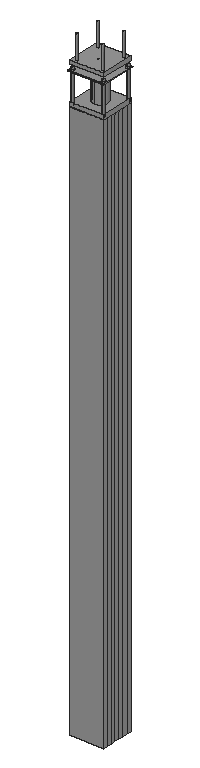
Revit family "CLT Colums Fam", category Columns, Revit 2024
Family settings
  OmniClass Number = 23.25.30.11.14.11
  OmniClass Title = Columns
  Cut with Voids When Loaded = No
  Automatically joins geometry to walls = Yes
  Shared = No
  Show family pre-cut in plan views = Yes
Parameters
  Width = 2' - 0"
  TBofP to ToL [instance] = 0' - 1 89/256"
  Plate gap [instance] = 0' - 10"
  Over all Hieght [instance] = 2' - 10"
  Offset Top = 0' - 0"
  Offset Bottom = 0' - 2 89/256"
  Depth = 2' - 0"
  CLT Wood [instance] = CLT Wood
  C - Hieght [instance] = 10' - 8.62488"
  Alum = Aluminom
Reference planes (in)
  plane 1 "Center (Front/Back)": y = 0
  plane 2: z = 0
  plane 3 "Center (Left/Right)": x = 0
  plane 4 "Left": x = -12
  plane 5 "Right": x = 12
  plane 6 "Back": y = 12
  plane 7 "Front": y = -12
Forms (in)
  Extrusion 1, solid, not visible
    sketch origin (31.78776, 32.17592, -10) x (0, -1, 0) y (0, 0, -1)
      loop
        line (8, 95.87488) -> (6.85714, 95.87488) -> (6.85714, -32.75) -> (8, -32.75) -> (8, 95.87488)
    from 0 to -8
  Extrusion 2, solid, not visible
    sketch origin (31.78776, 32.17592, -10) x (0, -1, 0) y (0, 0, -1)
      loop
        line (6.85714, 95.87488) -> (5.71429, 95.87488) -> (5.71429, -32.75) -> (6.85714, -32.75) -> (6.85714, 95.87488)
    from 0 to -8
  Extrusion 3, solid, not visible
    sketch origin (31.78776, 32.17592, -10) x (0, -1, 0) y (0, 0, -1)
      loop
        line (5.71429, 95.87488) -> (4.57143, 95.87488) -> (4.57143, -32.75) -> (5.71429, -32.75) -> (5.71429, 95.87488)
    from 0 to -8
  Extrusion 4, solid, not visible
    sketch origin (31.78776, 32.17592, -10) x (0, -1, 0) y (0, 0, -1)
      loop
        line (4.57143, 95.87488) -> (3.42857, 95.87488) -> (3.42857, -32.75) -> (4.57143, -32.75) -> (4.57143, 95.87488)
    from 0 to -8
  Extrusion 5, solid, not visible
    sketch origin (31.78776, 32.17592, -10) x (0, -1, 0) y (0, 0, -1)
      loop
        line (3.42857, 95.87488) -> (2.28571, 95.87488) -> (2.28571, -32.75) -> (3.42857, -32.75) -> (3.42857, 95.87488)
    from 0 to -8
  Extrusion 6, solid, not visible
    sketch origin (31.78776, 32.17592, -10) x (0, -1, 0) y (0, 0, -1)
      loop
        line (2.28571, 95.87488) -> (1.14286, 95.87488) -> (1.14286, -32.75) -> (2.28571, -32.75) -> (2.28571, 95.87488)
    from 0 to -8
  Extrusion 7, solid, not visible
    sketch origin (31.78776, 32.17592, -10) x (0, -1, 0) y (0, 0, -1)
      loop
        line (1.14286, 95.87488) -> (0, 95.87488) -> (0, -32.75) -> (1.14286, -32.75) -> (1.14286, 95.87488)
    from 0 to -8
  Extrusion 8, void, not visible
    sketch origin (31.78776, 29.89021, 22.75) x (-1, 0, 0) y (0, 1, 0)
      loop
        circle (7.10713, -4.82142) r 0.3125
      loop
        circle (7.10713, 1.39284) r 0.3125
      loop
        circle (0.89287, 1.39284) r 0.3125
      loop
        circle (0.89287, -4.82142) r 0.3125
    from 5.61328 to 0
  Extrusion 9, solid, not visible
    sketch origin (35.62956, 30.54791, 10) x (-1, 0, 0) y (0, -1, 0)
      loop
        circle (-0.89287, 0.89287) r 0.25
      loop
        circle (-0.89287, 7.10713) r 0.25
      loop
        circle (-7.10713, 7.10713) r 0.25
      loop
        circle (-7.10713, 0.89287) r 0.25
    from -0.625 to 5.37512
  Extrusion 10, solid, not visible
    sketch origin (35.62956, 30.54791, 0) x (-1, 0, 0) y (0, -1, 0)
      loop
        line (0, 0) -> (0, 8) -> (-8, 8) -> (-8, 0) -> (0, 0)
    from 10 to 9
  Extrusion 11, solid, not visible
    sketch origin (35.62956, 30.54791, 0.5) x (-1, 0, 0) y (0, -1, 0)
      loop
        circle (-4, 4) r 1.5
      loop
        circle (-4, 4) r 1.25
    from 1 to 8.5
  Extrusion 12, void, not visible
    sketch origin (39.62956, 34.89667, -120.5) x (0, -1, 0) y (0, 0, 1)
      loop
        circle (8.09876, 128.58145) r 0.25
    from -2.20492 to 3.10713
  Extrusion 13, void, not visible
    sketch origin (35.62956, 22.54791, 10) x (1, 0, 0) y (0, -1, 0)
      loop
        circle (4, -3.5) r 0.125
      loop
        circle (4, -4.5) r 0.125
    from -0.73368 to 1.5
  Extrusion 14, void, not visible
    sketch origin (35.62956, 30.54791, 10) x (-1, 0, 0) y (0, -1, 0)
      loop
        circle (-0.89287, 0.89287) r 0.25
      loop
        circle (-0.89287, 7.10713) r 0.25
      loop
        circle (-7.10713, 7.10713) r 0.25
      loop
        circle (-7.10713, 0.89287) r 0.25
    from -0.625 to 5.37512
  Extrusion 15, solid, not visible
    sketch origin (35.99761, 42.48659, 0) x (-1, 0, 0) y (0, -1, 0)
      loop
        line (0, 0) -> (0, 8) -> (-8, 8) -> (-8, 0) -> (0, 0)
    from 0 to 1
  Extrusion 16, solid, not visible
    sketch origin (35.99761, 42.48659, 1) x (-1, 0, 0) y (0, -1, 0)
      loop
        circle (-4, 4) r 1.5
      loop
        circle (-4, 4) r 1.75
    from 0 to 8.5
  Extrusion 17, void, not visible
    sketch origin (39.99761, 46.83536, -120) x (0, -1, 0) y (0, 0, 1)
      loop
        circle (8.34876, 128.08145) r 0.25
    from -2.20492 to 3.10713
  Extrusion 18, void, not visible
    sketch origin (35.99761, 42.48659, 1) x (-1, 0, 0) y (0, -1, 0)
      loop
        circle (-0.3125, 0.3125) r 0.25
      loop
        circle (-7.6875, 0.3125) r 0.25
      loop
        circle (-0.3125, 7.6875) r 0.25
      loop
        circle (-7.6875, 7.6875) r 0.25
    from -0.625 to 7.375
  Extrusion 19, solid, not visible
    sketch origin (35.99761, 42.48659, 0) x (0, 1, 0) y (1, 0, 0)
      loop
        circle (-0.89287, 0.89287) r 0.25
      loop
        circle (-7.10713, 0.89287) r 0.25
      loop
        circle (-7.10713, 7.10713) r 0.25
      loop
        circle (-0.89287, 7.10713) r 0.25
    from -0.625 to 5.37512
  Extrusion 20, solid, not visible
    sketch origin (38.24761, 38.48659, 7.65234) x (1, 0, 0) y (0, 1, 0)
      loop
        line (-2.5, 4.25) -> (-2.5, -4.25) -> (6, -4.25) -> (6, 4.25) -> (-2.5, 4.25)
    from 0 to 0.0625
  Extrusion 21, void, not visible
    sketch origin (35.99761, 42.48659, 1) x (-1, 0, 0) y (0, -1, 0)
      loop
        circle (-4, 4) r 1.75
    from 5.49799 to 7.68245
  Extrusion 22, void, not visible
    sketch origin (35.99761, 34.48659, 0) x (0, -1, 0) y (1, 0, 0)
      loop
        circle (-3.5, 4) r 0.125
      loop
        circle (-4.5, 4) r 0.125
    from -0.73368 to 1.5
  Extrusion 23, void, not visible
    sketch origin (35.99761, 42.48659, 1) x (-1, 0, 0) y (0, -1, 0)
      loop
        circle (-0.3125, 0.3125) r 0.25
      loop
        circle (-7.6875, 0.3125) r 0.25
      loop
        circle (-0.3125, 7.6875) r 0.25
      loop
        circle (-7.6875, 7.6875) r 0.25
    from -0.625 to 7.375
  Extrusion 24, void, not visible
    sketch origin (35.99761, 42.48659, 0) x (0, 1, 0) y (1, 0, 0)
      loop
        circle (-0.89287, 0.89287) r 0.25
      loop
        circle (-7.10713, 0.89287) r 0.25
      loop
        circle (-7.10713, 7.10713) r 0.25
      loop
        circle (-0.89287, 7.10713) r 0.25
    from -0.625 to 5.37512
  Extrusion 25, solid, not visible
    sketch origin (48.91093, 26.75813, 6.71484) x (1, 0, 0) y (0, 1, 0)
      loop
        circle (5.4375, 3.6875) r 0.25
      loop
        circle (5.4375, -3.6875) r 0.25
      loop
        circle (-1.9375, 3.6875) r 0.25
      loop
        circle (-1.9375, -3.6875) r 0.25
      loop
        line (-2.15401, 4.0625) -> (-2.37051, 3.6875) -> (-2.15401, 3.3125) -> (-1.72099, 3.3125) -> (-1.50449, 3.6875) -> (-1.72099, 4.0625) -> (-2.15401, 4.0625)
      loop
        line (5.22099, 4.0625) -> (5.00449, 3.6875) -> (5.22099, 3.3125) -> (5.65401, 3.3125) -> (5.87051, 3.6875) -> (5.65401, 4.0625) -> (5.22099, 4.0625)
      loop
        line (-2.15401, -4.0625) -> (-1.72099, -4.0625) -> (-1.50449, -3.6875) -> (-1.72099, -3.3125) -> (-2.15401, -3.3125) -> (-2.37051, -3.6875) -> (-2.15401, -4.0625)
      loop
        line (5.65401, -4.0625) -> (5.87051, -3.6875) -> (5.65401, -3.3125) -> (5.22099, -3.3125) -> (5.00449, -3.6875) -> (5.22099, -4.0625) -> (5.65401, -4.0625)
    from 0.25 to 0
  Extrusion 26, solid, not visible
    sketch origin (46.66093, 30.75813, 0) x (-1, 0, 0) y (0, -1, 0)
      loop
        circle (-0.3125, 0.3125) r 0.25
      loop
        circle (-7.6875, 0.3125) r 0.25
      loop
        circle (-0.3125, 7.6875) r 0.25
      loop
        circle (-7.6875, 7.6875) r 0.25
    from -0.625 to 7.375
  Extrusion 27, solid, not visible
    sketch origin (35.62956, 30.79791, 136.34766) x (0, -1, 0) y (-1, 0, 0)
      loop
        line (5.71429, -8) -> (6.85714, -8) -> (6.85714, 0) -> (5.71429, 0) -> (5.71429, -8)
    from 0 to 128.62488 <- "C - Hieght"
  Extrusion 28, solid, not visible
    sketch origin (35.62956, 29.65505, 136.34766) x (0, -1, 0) y (-1, 0, 0)
      loop
        line (5.71429, -8) -> (6.85714, -8) -> (6.85714, 0) -> (5.71429, 0) -> (5.71429, -8)
    from 0 to 128.62488 <- "C - Hieght"
  Extrusion 29, solid, not visible
    sketch origin (35.62956, 31.94077, 136.34766) x (0, -1, 0) y (-1, 0, 0)
      loop
        line (5.71429, -8) -> (6.85714, -8) -> (6.85714, 0) -> (5.71429, 0) -> (5.71429, -8)
    from 0 to 128.62488 <- "C - Hieght"
  Extrusion 30, solid, not visible
    sketch origin (35.62956, 33.08362, 136.34766) x (0, -1, 0) y (-1, 0, 0)
      loop
        line (5.71429, -8) -> (6.85714, -8) -> (6.85714, 0) -> (5.71429, 0) -> (5.71429, -8)
    from 0 to 128.62488 <- "C - Hieght"
  Extrusion 31, solid, not visible
    sketch origin (35.62956, 34.22648, 136.34766) x (0, -1, 0) y (-1, 0, 0)
      loop
        line (5.71429, -8) -> (6.85714, -8) -> (6.85714, 0) -> (5.71429, 0) -> (5.71429, -8)
    from 0 to 128.62488 <- "C - Hieght"
  Extrusion 32, solid, not visible
    sketch origin (35.62956, 35.36934, 136.34766) x (0, -1, 0) y (-1, 0, 0)
      loop
        line (5.71429, -8) -> (6.85714, -8) -> (6.85714, 0) -> (5.71429, 0) -> (5.71429, -8)
    from 0 to 128.62488 <- "C - Hieght"
  Extrusion 33, solid, not visible
    sketch origin (35.62956, 36.51219, 136.34766) x (0, -1, 0) y (-1, 0, 0)
      loop
        line (5.71429, -8) -> (6.85714, -8) -> (6.85714, 0) -> (5.71429, 0) -> (5.71429, -8)
    from 0 to 128.62488 <- "C - Hieght"
  Extrusion 34, void, not visible
    sketch origin (35.62956, 19.86934, 274.97254) x (0, -1, 0) y (-1, 0, 0)
      loop
        circle (-3.57144, -0.89287) r 0.3125
      loop
        circle (-9.7857, -0.89287) r 0.3125
      loop
        circle (-9.7857, -7.10713) r 0.3125
      loop
        circle (-3.57144, -7.10713) r 0.3125
    from 5.61328 to 0
  Extrusion 35, solid, not visible
    sketch origin (35.62956, 30.54791, 146.34766) x (-1, 0, 0) y (0, -1, 0)
      loop
        line (-8, 6.60714) -> (-8, 5.46429) -> (0, 5.46429) -> (0, 6.60714) -> (-8, 6.60714)
    from 0 to 128.62488 <- "C - Hieght"
  Extrusion 36, void, not visible
    sketch origin (35.62956, 30.54791, 146.34766) x (-1, 0, 0) y (0, -1, 0)
      loop
        circle (-0.89287, 0.64287) r 0.25
      loop
        circle (-0.89287, 7.10713) r 0.25
      loop
        circle (-7.10713, 7.10713) r 0.25
      loop
        circle (-7.10713, 0.64287) r 0.25
    from -0.625 to 5.37512
  Extrusion 37, solid, not visible
    sketch origin (35.62956, 29.15505, 146.34766) x (-1, 0, 0) y (0, -1, 0)
      loop
        line (-8, 6.60714) -> (-8, 5.21429) -> (0, 5.21429) -> (0, 6.60714) -> (-8, 6.60714)
    from 0 to 128.62488 <- "C - Hieght"
  Extrusion 38, solid, not visible
    sketch origin (35.62956, 19.86934, 146.34766) x (-1, 0, 0) y (0, -1, 0)
      loop
        line (-8, -6.35714) -> (0, -6.35714) -> (0, -5.21429) -> (-8, -5.21429) -> (-8, -6.35714)
    from 0 to 128.62488 <- "C - Hieght"
  Extrusion 39, solid, not visible
    sketch origin (35.62956, 20.76219, 146.34766) x (-1, 0, 0) y (0, -1, 0)
      loop
        line (-8, -6.60714) -> (0, -6.60714) -> (0, -5.46429) -> (-8, -5.46429) -> (-8, -6.60714)
    from 0 to 128.62488 <- "C - Hieght"
  Extrusion 40, solid, not visible
    sketch origin (35.62956, 21.90505, 146.34766) x (-1, 0, 0) y (0, -1, 0)
      loop
        line (-8, -6.60714) -> (0, -6.60714) -> (0, -5.46429) -> (-8, -5.46429) -> (-8, -6.60714)
    from 0 to 128.62488 <- "C - Hieght"
  Extrusion 41, solid, not visible
    sketch origin (35.62956, 23.04791, 146.34766) x (-1, 0, 0) y (0, -1, 0)
      loop
        line (-8, -6.60714) -> (0, -6.60714) -> (0, -5.46429) -> (-8, -5.46429) -> (-8, -6.60714)
    from 0 to 128.62488 <- "C - Hieght"
  Extrusion 42, solid, not visible
    sketch origin (35.62956, 24.19077, 146.34766) x (-1, 0, 0) y (0, -1, 0)
      loop
        line (-8, -6.60714) -> (0, -6.60714) -> (0, -5.46429) -> (-8, -5.46429) -> (-8, -6.60714)
    from 0 to 128.62488 <- "C - Hieght"
  Extrusion 43, solid, material "Aluminom" <- "Alum"
    sketch origin (0, -3.92857, 137.34766) x (0, 1, 0) y (-1, 0, 0)
      loop
        circle (4, 0) r 1.5
      loop
        circle (4, 0) r 1.75
    from 0 to 8
  Extrusion 44, void
    sketch origin (0, 10.64286, 145.34766) x (0, -1, 0) y (0, 0, 1)
      loop
        circle (10.57143, -0.91855) r 0.25
    from -2.20492 to 3.10713
  Extrusion 45, solid
    sketch origin (0, -3.92857, 136.34766) x (1, 0, 0) y (0, -1, 0)
      loop
        circle (-3.10713, -7.10713) r 0.25
      loop
        circle (-3.10713, -0.89287) r 0.25
      loop
        circle (3.10713, -0.89287) r 0.25
      loop
        circle (3.10713, -7.10713) r 0.25
    from -0.625 to 5.37512
  Extrusion 46, void
    sketch origin (0, -3.92857, 144.0625) x (-1, 0, 0) y (0, 1, 0)
      loop
        circle (0, 4) r 1.75
    from -1.28516 to 4.36719
  Extrusion 47, void
    sketch origin (0, -3.92857, 137.34766) x (-1, 0, 0) y (0, 1, 0)
      loop
        circle (0, 3.5) r 0.125
      loop
        circle (0, 4.5) r 0.125
    from -10.78733 to 1.5
  Extrusion 48, solid, material "Aluminom" <- "Alum"
    sketch origin (0, -3.92857, 146.34766) x (0, 1, 0) y (-1, 0, 0)
      loop
        circle (7.10713, 3.10713) r 0.25
      loop
        circle (0.89287, 3.10713) r 0.25
      loop
        circle (0.89287, -3.10713) r 0.25
      loop
        circle (7.10713, -3.10713) r 0.25
    from -0.625 to 5.37512
  Extrusion 49, solid, material "Aluminom" <- "Alum"
    sketch origin (0, -3.92857, 137.34766) x (0, 1, 0) y (-1, 0, 0)
      loop
        circle (4, 0) r 1.5
      loop
        circle (4, 0) r 1.25
    from 0 to 8
  Extrusion 50, solid, material "Aluminom" <- "Alum"
    sketch origin (0, 10.64286, 145.34766) x (0, 1, 0) y (0, 0, 1)
      loop
        circle (-10.57143, -0.91855) r 0.25
    from -1.87545 to 2.07698
  Extrusion 51, solid, material "Aluminom" <- "Alum"
    sketch origin (-1.87545, 10.64286, 145.34766) x (0, -1, 0) y (0, 0, 1)
      loop
        circle (10.57143, -0.91855) r 0.3125
    from 0.04769 to 0
  Extrusion 52, solid, material "Aluminom" <- "Alum"
    sketch origin (0, -3.92857, 144.0625) x (0, 1, 0) y (-1, 0, 0)
      loop
        circle (7.6875, -3.6875) r 0.25
      loop
        circle (0.3125, -3.6875) r 0.25
      loop
        circle (7.6875, 3.6875) r 0.25
      loop
        circle (0.3125, 3.6875) r 0.25
      loop
        line (8.0625, 3.90401) -> (7.6875, 4.12051) -> (7.3125, 3.90401) -> (7.3125, 3.47099) -> (7.6875, 3.25449) -> (8.0625, 3.47099) -> (8.0625, 3.90401)
      loop
        line (8.0625, -3.47099) -> (7.6875, -3.25449) -> (7.3125, -3.47099) -> (7.3125, -3.90401) -> (7.6875, -4.12051) -> (8.0625, -3.90401) -> (8.0625, -3.47099)
      loop
        line (-0.0625, 3.90401) -> (-0.0625, 3.47099) -> (0.3125, 3.25449) -> (0.6875, 3.47099) -> (0.6875, 3.90401) -> (0.3125, 4.12051) -> (-0.0625, 3.90401)
      loop
        line (-0.0625, -3.90401) -> (0.3125, -4.12051) -> (0.6875, -3.90401) -> (0.6875, -3.47099) -> (0.3125, -3.25449) -> (-0.0625, -3.47099) -> (-0.0625, -3.90401)
    from 0.25 to 0
  Extrusion 53, solid, material "Aluminom" <- "Alum"
    sketch origin (0, -3.92857, 137.34766) x (0, 1, 0) y (-1, 0, 0)
      loop
        circle (7.6875, 3.6875) r 0.25
      loop
        circle (7.6875, -3.6875) r 0.25
      loop
        circle (0.3125, 3.6875) r 0.25
      loop
        circle (0.3125, -3.6875) r 0.25
    from -0.625 to 7.375
  Extrusion 54, solid, not visible
    sketch origin (396.40864, 212.66421, 0) x (-1, 0, 0) y (0, -1, 0)
      loop
        line (0, 0) -> (0, 8) -> (-8, 8) -> (-8, 0) -> (0, 0)
    from 0 to 1
  Extrusion 55, solid, not visible
    sketch origin (396.40864, 212.66421, 1) x (-1, 0, 0) y (0, -1, 0)
      loop
        circle (-4, 4) r 1.5
      loop
        circle (-4, 4) r 1.75
    from 0 to 8
  Extrusion 56, void, not visible
    sketch origin (400.40864, 217.01298, -120) x (0, -1, 0) y (0, 0, 1)
      loop
        circle (8.34876, 128.08145) r 0.25
    from -2.20492 to 3.10713
  Extrusion 57, void, not visible
    sketch origin (396.40864, 212.66421, 1) x (-1, 0, 0) y (0, -1, 0)
      loop
        circle (-0.3125, 0.3125) r 0.25
      loop
        circle (-7.6875, 0.3125) r 0.25
      loop
        circle (-0.3125, 7.6875) r 0.25
      loop
        circle (-7.6875, 7.6875) r 0.25
    from -0.625 to 7.375
  Extrusion 58, solid, not visible
    sketch origin (396.40864, 212.66421, 0) x (0, 1, 0) y (1, 0, 0)
      loop
        circle (-0.89287, 0.89287) r 0.25
      loop
        circle (-7.10713, 0.89287) r 0.25
      loop
        circle (-7.10713, 7.10713) r 0.25
      loop
        circle (-0.89287, 7.10713) r 0.25
    from -0.625 to 5.37512
  Extrusion 59, solid, not visible
    sketch origin (398.65864, 208.66421, 7.65234) x (1, 0, 0) y (0, 1, 0)
      loop
        line (-2.5, 4.25) -> (-2.5, -4.25) -> (6, -4.25) -> (6, 4.25) -> (-2.5, 4.25)
    from 0 to 0.0625
  Extrusion 60, void, not visible
    sketch origin (396.40864, 212.66421, 1) x (-1, 0, 0) y (0, -1, 0)
      loop
        circle (-4, 4) r 1.75
    from 5.49799 to 7.68245
  Extrusion 61, void, not visible
    sketch origin (396.40864, 204.66421, 0) x (0, -1, 0) y (1, 0, 0)
      loop
        circle (-3.5, 4) r 0.125
      loop
        circle (-4.5, 4) r 0.125
    from -0.73368 to 1.5
  Extrusion 62, void, not visible
    sketch origin (396.40864, 212.66421, 1) x (-1, 0, 0) y (0, -1, 0)
      loop
        circle (-0.3125, 0.3125) r 0.25
      loop
        circle (-7.6875, 0.3125) r 0.25
      loop
        circle (-0.3125, 7.6875) r 0.25
      loop
        circle (-7.6875, 7.6875) r 0.25
    from -0.625 to 7.375
  Extrusion 63, void, not visible
    sketch origin (396.40864, 212.66421, 0) x (0, 1, 0) y (1, 0, 0)
      loop
        circle (-0.89287, 0.89287) r 0.25
      loop
        circle (-7.10713, 0.89287) r 0.25
      loop
        circle (-7.10713, 7.10713) r 0.25
      loop
        circle (-0.89287, 7.10713) r 0.25
    from -0.625 to 5.37512
  Extrusion 64, solid, not visible
    sketch origin (396.40864, 212.66421, 10) x (-1, 0, 0) y (0, -1, 0)
      loop
        circle (-0.89287, 0.89287) r 0.25
      loop
        circle (-0.89287, 7.10713) r 0.25
      loop
        circle (-7.10713, 7.10713) r 0.25
      loop
        circle (-7.10713, 0.89287) r 0.25
    from -0.625 to 5.37512
  Extrusion 65, solid, not visible
    sketch origin (396.40864, 212.66421, 0) x (-1, 0, 0) y (0, -1, 0)
      loop
        line (0, 0) -> (0, 8) -> (-8, 8) -> (-8, 0) -> (0, 0)
    from 10 to 9
  Extrusion 66, solid, not visible
    sketch origin (396.40864, 212.66421, 0.5) x (-1, 0, 0) y (0, -1, 0)
      loop
        circle (-4, 4) r 1.5
      loop
        circle (-4, 4) r 1.25
    from 1 to 8.5
  Extrusion 67, void, not visible
    sketch origin (396.40864, 204.66421, 10) x (1, 0, 0) y (0, -1, 0)
      loop
        circle (4, -3.5) r 0.125
      loop
        circle (4, -4.5) r 0.125
    from -0.73368 to 1.5
  Extrusion 68, void, not visible
    sketch origin (396.40864, 212.66421, 10) x (-1, 0, 0) y (0, -1, 0)
      loop
        circle (-0.89287, 0.89287) r 0.25
      loop
        circle (-0.89287, 7.10713) r 0.25
      loop
        circle (-7.10713, 7.10713) r 0.25
      loop
        circle (-7.10713, 0.89287) r 0.25
    from -0.625 to 5.37512
  Extrusion 69, solid, not visible
    sketch origin (400.40091, 217.01298, -120) x (0, -1, 0) y (0, 0, 1)
      loop
        circle (8.34876, 128.08145) r 0.25
    from -1.87545 to 2.07698
  Extrusion 70, solid, not visible
    sketch origin (402.27636, 217.01298, -120) x (0, 1, 0) y (0, 0, 1)
      loop
        circle (-8.34876, 128.08145) r 0.3125
    from 0.04769 to 0
  Extrusion 71, solid, not visible
    sketch origin (398.65864, 208.66421, 7.71484) x (1, 0, 0) y (0, 1, 0)
      loop
        circle (5.4375, 3.6875) r 0.25
      loop
        circle (5.4375, -3.6875) r 0.25
      loop
        circle (-1.9375, 3.6875) r 0.25
      loop
        circle (-1.9375, -3.6875) r 0.25
      loop
        line (-2.15401, 4.0625) -> (-2.37051, 3.6875) -> (-2.15401, 3.3125) -> (-1.72099, 3.3125) -> (-1.50449, 3.6875) -> (-1.72099, 4.0625) -> (-2.15401, 4.0625)
      loop
        line (5.22099, 4.0625) -> (5.00449, 3.6875) -> (5.22099, 3.3125) -> (5.65401, 3.3125) -> (5.87051, 3.6875) -> (5.65401, 4.0625) -> (5.22099, 4.0625)
      loop
        line (-2.15401, -4.0625) -> (-1.72099, -4.0625) -> (-1.50449, -3.6875) -> (-1.72099, -3.3125) -> (-2.15401, -3.3125) -> (-2.37051, -3.6875) -> (-2.15401, -4.0625)
      loop
        line (5.65401, -4.0625) -> (5.87051, -3.6875) -> (5.65401, -3.3125) -> (5.22099, -3.3125) -> (5.00449, -3.6875) -> (5.22099, -4.0625) -> (5.65401, -4.0625)
    from 0.25 to 0
  Extrusion 72, solid, not visible
    sketch origin (396.40864, 212.66421, 1) x (-1, 0, 0) y (0, -1, 0)
      loop
        circle (-0.3125, 0.3125) r 0.25
      loop
        circle (-7.6875, 0.3125) r 0.25
      loop
        circle (-0.3125, 7.6875) r 0.25
      loop
        circle (-7.6875, 7.6875) r 0.25
    from -0.625 to 7.375
  Extrusion 73, solid, not visible
    sketch origin (4, 4, 134.09766) x (0, -1, 0) y (0, 0, -1)
      loop
        line (8, -2.25) -> (8, 126.37488) -> (6.85714, 126.37488) -> (6.85714, -2.25) -> (8, -2.25)
    from 0 to -8
  Extrusion 74, void, not visible
    sketch origin (4, -4, 136.34766) x (0, 1, 0) y (-1, 0, 0)
      loop
        circle (0.89287, 7.10713) r 0.3125
      loop
        circle (7.10713, 7.10713) r 0.3125
      loop
        circle (7.10713, 0.89287) r 0.3125
      loop
        circle (0.89287, 0.89287) r 0.3125
    from -5.61444 to 0
  Extrusion 75, solid, not visible
    sketch origin (-4, 4, 136.34766) x (-1, 0, 0) y (0, -1, 0)
      loop
        line (0, 0) -> (0, 8) -> (-8, 8) -> (-8, 0) -> (0, 0)
    from 0 to 1
  Extrusion 76, solid, not visible
    sketch origin (-4, 4, 137.34766) x (-1, 0, 0) y (0, -1, 0)
      loop
        circle (-4, 4) r 1.5
      loop
        circle (-4, 4) r 1.75
    from 0 to 8
  Extrusion 77, void, not visible
    sketch origin (0, 8.34876, 16.34766) x (0, -1, 0) y (0, 0, 1)
      loop
        circle (8.34876, 128.08145) r 0.25
    from -2.20492 to 3.10713
  Extrusion 78, void, not visible
    sketch origin (-4, 4, 137.34766) x (-1, 0, 0) y (0, -1, 0)
      loop
        circle (-0.3125, 0.3125) r 0.25
      loop
        circle (-7.6875, 0.3125) r 0.25
      loop
        circle (-0.3125, 7.6875) r 0.25
      loop
        circle (-7.6875, 7.6875) r 0.25
    from -0.625 to 7.375
  Extrusion 79, solid, not visible
    sketch origin (-4, 4, 136.34766) x (0, 1, 0) y (1, 0, 0)
      loop
        circle (-0.89287, 0.89287) r 0.25
      loop
        circle (-7.10713, 0.89287) r 0.25
      loop
        circle (-7.10713, 7.10713) r 0.25
      loop
        circle (-0.89287, 7.10713) r 0.25
    from -0.625 to 5.37512
  Extrusion 80, solid, not visible
    sketch origin (-1.75, 0, 144) x (1, 0, 0) y (0, 1, 0)
      loop
        line (-2.5, 4.25) -> (-2.5, -4.25) -> (6, -4.25) -> (6, 4.25) -> (-2.5, 4.25)
    from 0 to 0.0625
  Extrusion 81, void, not visible
    sketch origin (-4, 4, 137.34766) x (-1, 0, 0) y (0, -1, 0)
      loop
        circle (-4, 4) r 1.75
    from 5.49799 to 7.68245
  Extrusion 82, void, not visible
    sketch origin (-4, -4, 136.34766) x (0, -1, 0) y (1, 0, 0)
      loop
        circle (-3.5, 4) r 0.125
      loop
        circle (-4.5, 4) r 0.125
    from -0.73368 to 1.5
  Extrusion 83, void, not visible
    sketch origin (-4, 4, 137.34766) x (-1, 0, 0) y (0, -1, 0)
      loop
        circle (-0.3125, 0.3125) r 0.25
      loop
        circle (-7.6875, 0.3125) r 0.25
      loop
        circle (-0.3125, 7.6875) r 0.25
      loop
        circle (-7.6875, 7.6875) r 0.25
    from -0.625 to 7.375
  Extrusion 84, void, not visible
    sketch origin (-4, 4, 136.34766) x (0, 1, 0) y (1, 0, 0)
      loop
        circle (-0.89287, 0.89287) r 0.25
      loop
        circle (-7.10713, 0.89287) r 0.25
      loop
        circle (-7.10713, 7.10713) r 0.25
      loop
        circle (-0.89287, 7.10713) r 0.25
    from -0.625 to 5.37512
  Extrusion 85, solid, not visible
    sketch origin (-4, 4, 146.34766) x (-1, 0, 0) y (0, -1, 0)
      loop
        circle (-0.89287, 0.89287) r 0.25
      loop
        circle (-0.89287, 7.10713) r 0.25
      loop
        circle (-7.10713, 7.10713) r 0.25
      loop
        circle (-7.10713, 0.89287) r 0.25
    from -0.625 to 5.37512
  Extrusion 86, solid, not visible
    sketch origin (-4, 4, 136.34766) x (-1, 0, 0) y (0, -1, 0)
      loop
        line (0, 0) -> (0, 8) -> (-8, 8) -> (-8, 0) -> (0, 0)
    from 10 to 9
  Extrusion 87, solid, not visible
    sketch origin (-4, 4, 136.84766) x (-1, 0, 0) y (0, -1, 0)
      loop
        circle (-4, 4) r 1.5
      loop
        circle (-4, 4) r 1.25
    from 1 to 8.5
  Extrusion 88, void, not visible
    sketch origin (-4, -4, 146.34766) x (1, 0, 0) y (0, -1, 0)
      loop
        circle (4, -3.5) r 0.125
      loop
        circle (4, -4.5) r 0.125
    from -0.73368 to 1.5
  Extrusion 89, void, not visible
    sketch origin (-4, 4, 146.34766) x (-1, 0, 0) y (0, -1, 0)
      loop
        circle (-0.89287, 0.89287) r 0.25
      loop
        circle (-0.89287, 7.10713) r 0.25
      loop
        circle (-7.10713, 7.10713) r 0.25
      loop
        circle (-7.10713, 0.89287) r 0.25
    from -0.625 to 5.37512
  Extrusion 90, solid, not visible
    sketch origin (-0.00773, 8.34876, 16.34766) x (0, -1, 0) y (0, 0, 1)
      loop
        circle (8.34876, 128.08145) r 0.25
    from -1.87545 to 2.07698
  Extrusion 91, solid, not visible
    sketch origin (1.86772, 8.34876, 16.34766) x (0, 1, 0) y (0, 0, 1)
      loop
        circle (-8.34876, 128.08145) r 0.3125
    from 0.04769 to 0
  Extrusion 92, solid, not visible
    sketch origin (-1.75, 0, 144.0625) x (1, 0, 0) y (0, 1, 0)
      loop
        circle (5.4375, 3.6875) r 0.25
      loop
        circle (5.4375, -3.6875) r 0.25
      loop
        circle (-1.9375, 3.6875) r 0.25
      loop
        circle (-1.9375, -3.6875) r 0.25
      loop
        line (-2.15401, 4.0625) -> (-2.37051, 3.6875) -> (-2.15401, 3.3125) -> (-1.72099, 3.3125) -> (-1.50449, 3.6875) -> (-1.72099, 4.0625) -> (-2.15401, 4.0625)
      loop
        line (5.22099, 4.0625) -> (5.00449, 3.6875) -> (5.22099, 3.3125) -> (5.65401, 3.3125) -> (5.87051, 3.6875) -> (5.65401, 4.0625) -> (5.22099, 4.0625)
      loop
        line (-2.15401, -4.0625) -> (-1.72099, -4.0625) -> (-1.50449, -3.6875) -> (-1.72099, -3.3125) -> (-2.15401, -3.3125) -> (-2.37051, -3.6875) -> (-2.15401, -4.0625)
      loop
        line (5.65401, -4.0625) -> (5.87051, -3.6875) -> (5.65401, -3.3125) -> (5.22099, -3.3125) -> (5.00449, -3.6875) -> (5.22099, -4.0625) -> (5.65401, -4.0625)
    from 0.25 to 0
  Extrusion 93, solid, not visible
    sketch origin (-4, 4, 137.34766) x (-1, 0, 0) y (0, -1, 0)
      loop
        circle (-0.3125, 0.3125) r 0.25
      loop
        circle (-7.6875, 0.3125) r 0.25
      loop
        circle (-0.3125, 7.6875) r 0.25
      loop
        circle (-7.6875, 7.6875) r 0.25
    from -0.625 to 7.375
  Extrusion 94, solid, material "Aluminom" <- "Alum"
    sketch origin (0, 16.64286, 136.34766) x (0, -1, 0) y (0, 0, 1)
      loop
        line (20.57143, 0) -> (20.57143, 1) -> (12.57143, 1) -> (12.57143, 0) -> (20.57143, 0)
    from -4 to 4
  Extrusion 95, solid, material "Aluminom" <- "Alum"
    sketch origin (0, 16.64286, 136.34766) x (0, -1, 0) y (0, 0, 1)
      loop
        line (20.57143, 9) -> (20.57143, 10) -> (12.57143, 10) -> (12.57143, 9) -> (20.57143, 9)
    from -4 to 4
  Extrusion 96, solid, material "Aluminom" <- "Alum"
    sketch origin (0, 16.64286, 136.34766) x (0, -1, 0) y (0, 0, 1)
      loop
        line (20.82143, 7.71484) -> (12.32143, 7.71484) -> (12.32143, 7.65234) -> (20.82143, 7.65234) -> (20.82143, 7.71484)
    from -4.25 to 4.25
  Extrusion 97, void
    sketch origin (0, -3.92857, 146.34766) x (0, 1, 0) y (-1, 0, 0)
      loop
        circle (7.10713, 3.10713) r 0.25
      loop
        circle (0.89287, 3.10713) r 0.25
      loop
        circle (0.89287, -3.10713) r 0.25
      loop
        circle (7.10713, -3.10713) r 0.25
    from -0.625 to 5.37512
  Extrusion 98, solid, material "CLT Wood" <- "CLT Wood"
    sketch origin (0, -5.0731, 136.34766) x (1, 0, 0) y (0, -1, 0)
      loop
        line (-4, -6.85547) -> (-4, -8) -> (4, -8) -> (4, -6.85547) -> (-4, -6.85547)
    from 0 to 134
  Extrusion 99, solid, material "CLT Wood" <- "CLT Wood"
    sketch origin (0, -6.21763, 136.34766) x (1, 0, 0) y (0, -1, 0)
      loop
        line (-4, -6.85547) -> (-4, -8) -> (4, -8) -> (4, -6.85547) -> (-4, -6.85547)
    from 0 to 134
  Extrusion 100, solid, material "CLT Wood" <- "CLT Wood"
    sketch origin (0, -7.36217, 136.34766) x (1, 0, 0) y (0, -1, 0)
      loop
        line (-4, -6.85547) -> (-4, -8) -> (4, -8) -> (4, -6.85547) -> (-4, -6.85547)
    from 0 to 134
  Extrusion 101, solid, material "CLT Wood" <- "CLT Wood"
    sketch origin (0, -8.5067, 136.34766) x (1, 0, 0) y (0, -1, 0)
      loop
        line (-4, -6.85547) -> (-4, -8) -> (4, -8) -> (4, -6.85547) -> (-4, -6.85547)
    from 0 to 134
  Extrusion 102, solid, material "CLT Wood" <- "CLT Wood"
    sketch origin (0, -9.65123, 136.34766) x (1, 0, 0) y (0, -1, 0)
      loop
        line (-4, -6.85547) -> (-4, -8) -> (4, -8) -> (4, -6.85547) -> (-4, -6.85547)
    from 0 to 134
  Extrusion 103, solid, material "CLT Wood" <- "CLT Wood"
    sketch origin (0, -10.79576, 136.34766) x (1, 0, 0) y (0, -1, 0)
      loop
        line (-4, -6.85547) -> (-4, -8) -> (4, -8) -> (4, -6.85547) -> (-4, -6.85547)
    from 0 to 134
  Extrusion 104, solid, material "CLT Wood" <- "CLT Wood"
    sketch origin (0, -3.92857, 136.34766) x (1, 0, 0) y (0, -1, 0)
      loop
        line (-4, -6.85547) -> (-4, -8) -> (4, -8) -> (4, -6.85547) -> (-4, -6.85547)
    from 0 to 134
Cuts and joins
  Extrusion 44 cuts Extrusion 43
  Extrusion 44 cuts Extrusion 49
  Extrusion 46 cuts Extrusion 96
  Extrusion 47, Extrusion 97 cuts Extrusion 95
  Extrusion 47 cuts Extrusion 94
Lines and regions (in)
  reference lines
    curve 1: line (0, 5.57143, 136.34766) -> (0, -5.42857, 136.34766)
    curve 3: line (0, -5.42857, 136.34766) -> (0, -5.42857, 145.34766)
    curve 4: line (0, -5.42857, 145.34766) -> (0, 4.82143, 145.34766)
  reference lines, not visible
    curve 2: line (0, 5.57143, 136.34766) -> (0, -5.42857, 136.34766)
Dimensions and locks (in)
  "C - Hieght": Extrusion 1 sketch curve to Extrusion 1 sketch curve
  "C - Hieght": Extrusion 2 sketch curve to Extrusion 2 sketch curve
  "C - Hieght": Extrusion 3 sketch curve to Extrusion 3 sketch curve
  "C - Hieght": Extrusion 4 sketch curve to Extrusion 4 sketch curve
  "C - Hieght": Extrusion 5 sketch curve to Extrusion 5 sketch curve
  "C - Hieght": Extrusion 6 sketch curve to Extrusion 6 sketch curve
  "C - Hieght": Extrusion 7 sketch curve to Extrusion 7 sketch curve
  "C - Hieght": Extrusion 73 sketch curve to Extrusion 73 sketch curve
  "Offset Top": curve 2 to Extrusion 73 sketch curve
  curve 4 to Extrusion 94 sketch curve to Extrusion 94 sketch curve = 0' - 8" locked, 0' - 1" locked
  equal spacing: Extrusion 95 sketch curve, Extrusion 95 sketch curve, curve 1
  locked: Extrusion 44 sketch curve to cut or joined group of Extrusion 47, Extrusion 95, Extrusion 97 at 0.91855
  cut or joined group of Extrusion 46, Extrusion 96 to Extrusion 44 sketch curve = 0' - 0.42911"
  locked: curve 4 to level at 1.34766
  locked: curve 1 to level at 7.65234
  locked: Extrusion 50 sketch curve to curve 4 at 0.91855
  Extrusion 50 sketch curve to curve 1 = 0' - 8.08145"
  curve 1 to level = 11' - 4 89/256"
  "Offset Top": cut or joined group of Extrusion 46, Extrusion 96 to level
  locked: level to cut or joined group of Extrusion 47, Extrusion 95, Extrusion 97 at 1.34766
  cut or joined group of Extrusion 46, Extrusion 96 to cut or joined group of Extrusion 46, Extrusion 96 = 0' - 0 1/16"
  Extrusion 96 sketch curve to level = 0' - 0"
  locked: curve 4 to Extrusion 96 sketch curve at 1.28516
  Extrusion 96 sketch curve to curve 1 = 0' - 7 167/256"
  locked: Extrusion 95 sketch curve to level at 1.34766
  locked: Extrusion 98 sketch curve to Extrusion 98 sketch curve at 1.14453
  locked: Extrusion 99 sketch curve to Extrusion 99 sketch curve at 1.14453
  locked: Extrusion 100 sketch curve to Extrusion 100 sketch curve at 1.14453
  locked: Extrusion 101 sketch curve to Extrusion 101 sketch curve at 1.14453
  locked: Extrusion 102 sketch curve to Extrusion 102 sketch curve at 1.14453
  locked: Extrusion 103 sketch curve to Extrusion 103 sketch curve at 1.14453
  locked: Extrusion 104 sketch curve to Extrusion 104 sketch curve at 1.14453
  "Offset Bottom": Extrusion 104 to level
  "Offset Bottom": Extrusion 98 to level
  "Offset Bottom": Extrusion 99 to level
  "Offset Bottom": Extrusion 100 to level
  "Offset Bottom": Extrusion 102 to level
  "Offset Bottom": Extrusion 101 to level
  "Offset Bottom": Extrusion 103 to level
  aligned and locked: level to plane 2
Automatic sketch dimensions
  Extrusion 9 sketch curve to Extrusion 10 = 0' - 0.89287"  (x8)
  Extrusion 10 sketch curve to Extrusion 10 sketch curve = 0' - 8"  (x2)
  Extrusion 11 sketch curve to Extrusion 11 sketch curve = 0' - 0"  (x4)
  Extrusion 13 sketch curve to Extrusion 13 sketch curve = 0' - 0"
  Extrusion 13 sketch curve to Extrusion 13 sketch curve = 0' - 1"
  Extrusion 14 sketch curve to Extrusion 10 = 0' - 0.89287"  (x8)
  Extrusion 15 sketch curve to Extrusion 15 sketch curve = 0' - 8"  (x2)
  Extrusion 16 sketch curve to Extrusion 16 sketch curve = 0' - 0"  (x2)
  Extrusion 16 sketch curve to Extrusion 15 = 0' - 4"  (x2)
  Extrusion 18 sketch curve to Extrusion 15 = 0' - 0 5/16"  (x8)
  Extrusion 19 sketch curve to Extrusion 19 sketch curve = 0' - 0"  (x3)
  Extrusion 19 sketch curve to Extrusion 19 sketch curve = 0' - 6.21426"  (x3)
  Extrusion 20 sketch curve to Extrusion 20 sketch curve = 0' - 8 1/2"  (x2)
  Extrusion 21 sketch curve to Extrusion 15 = 0' - 4"  (x2)
  Extrusion 22 sketch curve to Extrusion 22 sketch curve = 0' - 1"
  Extrusion 22 sketch curve to Extrusion 22 sketch curve = 0' - 0"
  Extrusion 23 sketch curve to Extrusion 15 = 0' - 0 5/16"  (x8)
  Extrusion 24 sketch curve to Extrusion 24 sketch curve = 0' - 0"  (x3)
  Extrusion 24 sketch curve to Extrusion 24 sketch curve = 0' - 6.21426"  (x3)
  Extrusion 6 to Extrusion 8 sketch curve = 0' - 0.89287"  (x4)
  Extrusion 8 sketch curve to Extrusion 6 = 0' - 4.82142"  (x2)
  Extrusion 8 sketch curve to Extrusion 6 = 0' - 0 1/4"  (x2)
  Extrusion 25 sketch curve to Extrusion 25 sketch curve = 0' - 0"  (x14)
  Extrusion 25 sketch curve to Extrusion 25 sketch curve = 0' - 0.21651"  (x21)
  Extrusion 25 sketch curve to Extrusion 25 sketch curve = 0' - 0.43301"  (x3)
  Extrusion 25 sketch curve to Extrusion 25 sketch curve = 0' - 6.50897"  (x2)
  Extrusion 25 sketch curve to Extrusion 25 sketch curve = 0' - 0 3/8"  (x12)
  Extrusion 25 sketch curve to Extrusion 25 sketch curve = 0' - 6 5/8"  (x2)
  Extrusion 25 sketch curve to Extrusion 25 sketch curve = 0' - 0.18301"  (x4)
  Extrusion 26 sketch curve to Extrusion 26 sketch curve = 0' - 0"  (x3)
  Extrusion 26 sketch curve to Extrusion 26 sketch curve = 0' - 7 3/8"  (x3)
  Extrusion 1 sketch curve to Extrusion 1 sketch curve = 0' - 1.14286"
  Extrusion 2 sketch curve to Extrusion 2 sketch curve = 0' - 1.14286"
  Extrusion 3 sketch curve to Extrusion 3 sketch curve = 0' - 1.14286"
  Extrusion 4 sketch curve to Extrusion 4 sketch curve = 0' - 1.14286"
  Extrusion 5 sketch curve to Extrusion 5 sketch curve = 0' - 1.14286"
  Extrusion 6 sketch curve to Extrusion 6 sketch curve = 0' - 1.14286"
  Extrusion 7 sketch curve to Extrusion 7 sketch curve = 0' - 1.14286"
  Extrusion 29 sketch curve to Extrusion 29 sketch curve = 0' - 1.14286"
  Extrusion 30 sketch curve to Extrusion 30 sketch curve = 0' - 1.14286"
  Extrusion 31 sketch curve to Extrusion 31 sketch curve = 0' - 1.14286"
  Extrusion 32 sketch curve to Extrusion 32 sketch curve = 0' - 1.14286"
  Extrusion 27 sketch curve to Extrusion 27 sketch curve = 0' - 1.14286"
  Extrusion 27 sketch curve to Extrusion 27 sketch curve = 0' - 8"
  Extrusion 28 sketch curve to Extrusion 28 sketch curve = 0' - 1.14286"
  Extrusion 28 sketch curve to Extrusion 28 sketch curve = 0' - 8"
  Extrusion 29 sketch curve to Extrusion 29 sketch curve = 0' - 8"
  Extrusion 30 sketch curve to Extrusion 30 sketch curve = 0' - 8"
  Extrusion 31 sketch curve to Extrusion 31 sketch curve = 0' - 8"
  Extrusion 32 sketch curve to Extrusion 32 sketch curve = 0' - 8"
  Extrusion 33 sketch curve to Extrusion 33 sketch curve = 0' - 1.14286"
  Extrusion 33 sketch curve to Extrusion 33 sketch curve = 0' - 8"
  Extrusion 35 sketch curve to Extrusion 35 sketch curve = 0' - 1.14286"
  Extrusion 38 sketch curve to Extrusion 38 sketch curve = 0' - 1.14286"
  Extrusion 39 sketch curve to Extrusion 39 sketch curve = 0' - 1.14286"
  Extrusion 40 sketch curve to Extrusion 40 sketch curve = 0' - 1.14286"
  Extrusion 41 sketch curve to Extrusion 41 sketch curve = 0' - 1.14286"
  Extrusion 34 sketch curve to Extrusion 38 = 0' - 0.89287"  (x4)
  Extrusion 38 to Extrusion 34 sketch curve = 0' - 3.42856"  (x2)
  Extrusion 38 to Extrusion 34 sketch curve = 0' - 1.64284"  (x2)
  Extrusion 35 sketch curve to Extrusion 35 sketch curve = 0' - 8"
  Extrusion 36 sketch curve to Extrusion 36 sketch curve = 0' - 0"  (x3)
  Extrusion 36 sketch curve to Extrusion 36 sketch curve = 0' - 6.21426"  (x2)
  Extrusion 36 sketch curve to Extrusion 36 sketch curve = 0' - 6.46426"
  Extrusion 37 sketch curve to Extrusion 37 sketch curve = 0' - 8"
  Extrusion 37 sketch curve to Extrusion 37 sketch curve = 0' - 1.39286"
  Extrusion 38 sketch curve to Extrusion 38 sketch curve = 0' - 8"
  Extrusion 39 sketch curve to Extrusion 39 sketch curve = 0' - 8"
  Extrusion 40 sketch curve to Extrusion 40 sketch curve = 0' - 8"
  Extrusion 41 sketch curve to Extrusion 41 sketch curve = 0' - 8"
  Extrusion 42 sketch curve to Extrusion 42 sketch curve = 0' - 8"
  Extrusion 42 sketch curve to Extrusion 42 sketch curve = 0' - 1.14286"
  Extrusion 54 sketch curve to Extrusion 54 sketch curve = 0' - 8"  (x2)
  Extrusion 55 sketch curve to Extrusion 55 sketch curve = 0' - 0"  (x2)
  Extrusion 55 sketch curve to Extrusion 54 = 0' - 4"  (x2)
  Extrusion 57 sketch curve to Extrusion 54 = 0' - 0 5/16"  (x8)
  Extrusion 58 sketch curve to Extrusion 58 sketch curve = 0' - 0"  (x3)
  Extrusion 58 sketch curve to Extrusion 58 sketch curve = 0' - 6.21426"  (x3)
  Extrusion 59 sketch curve to Extrusion 59 sketch curve = 0' - 8 1/2"  (x2)
  Extrusion 60 sketch curve to Extrusion 54 = 0' - 4"  (x2)
  Extrusion 61 sketch curve to Extrusion 61 sketch curve = 0' - 1"
  Extrusion 61 sketch curve to Extrusion 61 sketch curve = 0' - 0"
  Extrusion 62 sketch curve to Extrusion 54 = 0' - 0 5/16"  (x8)
  Extrusion 63 sketch curve to Extrusion 63 sketch curve = 0' - 0"  (x3)
  Extrusion 63 sketch curve to Extrusion 63 sketch curve = 0' - 6.21426"  (x3)
  Extrusion 64 sketch curve to Extrusion 65 = 0' - 0.89287"  (x8)
  Extrusion 65 sketch curve to Extrusion 65 sketch curve = 0' - 8"  (x2)
  Extrusion 66 sketch curve to Extrusion 66 sketch curve = 0' - 0"  (x4)
  Extrusion 67 sketch curve to Extrusion 67 sketch curve = 0' - 0"
  Extrusion 67 sketch curve to Extrusion 67 sketch curve = 0' - 1"
  Extrusion 68 sketch curve to Extrusion 65 = 0' - 0.89287"  (x8)
  Extrusion 71 sketch curve to Extrusion 71 sketch curve = 0' - 0"  (x12)
  Extrusion 71 sketch curve to Extrusion 71 sketch curve = 0' - 0.21651"  (x21)
  Extrusion 71 sketch curve to Extrusion 71 sketch curve = 0' - 0.43301"  (x3)
  Extrusion 71 sketch curve to Extrusion 71 sketch curve = 0' - 6.50897"  (x2)
  Extrusion 71 sketch curve to Extrusion 71 sketch curve = 0' - 0 3/8"  (x14)
  Extrusion 71 sketch curve to Extrusion 71 sketch curve = 0' - 0.18301"  (x4)
  Extrusion 72 sketch curve to Extrusion 72 sketch curve = 0' - 0"  (x3)
  Extrusion 72 sketch curve to Extrusion 72 sketch curve = 0' - 7 3/8"  (x3)
  Extrusion 71 sketch curve to Extrusion 71 sketch curve = 0' - 6 5/8"  (x2)
  Extrusion 75 sketch curve to Extrusion 75 sketch curve = 0' - 8"  (x2)
  Extrusion 76 sketch curve to Extrusion 76 sketch curve = 0' - 0"  (x2)
  Extrusion 76 sketch curve to Extrusion 75 = 0' - 4"  (x2)
  Extrusion 78 sketch curve to Extrusion 75 = 0' - 0 5/16"  (x8)
  Extrusion 79 sketch curve to Extrusion 79 sketch curve = 0' - 0"  (x3)
  Extrusion 79 sketch curve to Extrusion 79 sketch curve = 0' - 6.21426"  (x3)
  Extrusion 80 sketch curve to Extrusion 80 sketch curve = 0' - 8 1/2"  (x2)
  Extrusion 81 sketch curve to Extrusion 75 = 0' - 4"  (x2)
  Extrusion 82 sketch curve to Extrusion 82 sketch curve = 0' - 1"
  Extrusion 82 sketch curve to Extrusion 82 sketch curve = 0' - 0"
  Extrusion 83 sketch curve to Extrusion 75 = 0' - 0 5/16"  (x8)
  Extrusion 84 sketch curve to Extrusion 84 sketch curve = 0' - 0"  (x3)
  Extrusion 84 sketch curve to Extrusion 84 sketch curve = 0' - 6.21426"  (x3)
  Extrusion 85 sketch curve to Extrusion 86 = 0' - 0.89287"  (x8)
  Extrusion 86 sketch curve to Extrusion 86 sketch curve = 0' - 8"  (x2)
  Extrusion 87 sketch curve to Extrusion 87 sketch curve = 0' - 0"  (x4)
  Extrusion 88 sketch curve to Extrusion 88 sketch curve = 0' - 0"
  Extrusion 88 sketch curve to Extrusion 88 sketch curve = 0' - 1"
  Extrusion 89 sketch curve to Extrusion 86 = 0' - 0.89287"  (x8)
  Extrusion 92 sketch curve to Extrusion 92 sketch curve = 0' - 0"  (x12)
  Extrusion 92 sketch curve to Extrusion 92 sketch curve = 0' - 0.21651"  (x21)
  Extrusion 92 sketch curve to Extrusion 92 sketch curve = 0' - 0.43301"  (x3)
  Extrusion 92 sketch curve to Extrusion 92 sketch curve = 0' - 6.50897"  (x2)
  Extrusion 92 sketch curve to Extrusion 92 sketch curve = 0' - 0 3/8"  (x14)
  Extrusion 92 sketch curve to Extrusion 92 sketch curve = 0' - 0.18301"  (x4)
  Extrusion 93 sketch curve to Extrusion 93 sketch curve = 0' - 0"  (x3)
  Extrusion 93 sketch curve to Extrusion 93 sketch curve = 0' - 7 3/8"  (x3)
  Extrusion 92 sketch curve to Extrusion 92 sketch curve = 0' - 6 5/8"  (x2)
  curve 1 to curve 1 = 0' - 11"
  Extrusion 74 sketch curve to Extrusion 73 = 0' - 0 1/4"  (x2)
  Extrusion 73 to Extrusion 74 sketch curve = 0' - 0.89287"  (x4)
  Extrusion 73 to Extrusion 74 sketch curve = 0' - 5.96427"  (x2)
  curve 2 to curve 2 = 0' - 11"
  Extrusion 73 sketch curve to Extrusion 73 sketch curve = 0' - 1.14286"
  Extrusion 43 sketch curve to Extrusion 43 sketch curve = 0' - 0"  (x2)
  Extrusion 94 to Extrusion 43 sketch curve = 0' - 4"  (x2)
  curve 4 to Extrusion 44 sketch curve = 0' - 4 3/4"
  Extrusion 45 sketch curve to Extrusion 94 = 0' - 0.89287"  (x4)
  Extrusion 94 to Extrusion 45 sketch curve = 0' - 0.89287"  (x4)
  Extrusion 96 to Extrusion 46 sketch curve = 0' - 4 1/4"
  Extrusion 46 sketch curve to Extrusion 96 = 0' - 4 1/4"
  Extrusion 94 to Extrusion 47 sketch curve = 0' - 4"
  Extrusion 47 sketch curve to Extrusion 47 sketch curve = 0' - 0"
  Extrusion 47 sketch curve to Extrusion 94 = 0' - 3 1/2"
  Extrusion 47 sketch curve to Extrusion 47 sketch curve = 0' - 1"
  Extrusion 95 to Extrusion 48 sketch curve = 0' - 0.89287"  (x6)
  Extrusion 48 sketch curve to Extrusion 95 = 0' - 0.89287"  (x2)
  Extrusion 49 sketch curve to Extrusion 49 sketch curve = 0' - 0"  (x2)
  Extrusion 94 to Extrusion 49 sketch curve = 0' - 4"  (x2)
  Extrusion 50 sketch curve to curve 4 = 0' - 4 3/4"
  Extrusion 52 sketch curve to Extrusion 52 sketch curve = 0' - 0"  (x12)
  Extrusion 52 sketch curve to Extrusion 96 = 0' - 0 3/16"  (x4)
  Extrusion 52 sketch curve to Extrusion 52 sketch curve = 0' - 0 3/8"  (x10)
  Extrusion 96 to Extrusion 52 sketch curve = 0' - 0.12949"  (x4)
  Extrusion 96 to Extrusion 52 sketch curve = 0' - 0.34599"  (x8)
  Extrusion 52 sketch curve to Extrusion 96 = 0' - 0 15/16"  (x2)
  Extrusion 52 sketch curve to Extrusion 52 sketch curve = 0' - 0.21651"  (x12)
  Extrusion 52 sketch curve to Extrusion 52 sketch curve = 0' - 0.43301"  (x2)
  Extrusion 52 sketch curve to Extrusion 52 sketch curve = 0' - 0.64952"
  Extrusion 52 sketch curve to Extrusion 52 sketch curve = 0' - 0.86603"
  Extrusion 52 sketch curve to Extrusion 52 sketch curve = 0' - 0.18301"  (x4)
  Extrusion 94 to Extrusion 53 sketch curve = 0' - 0 5/16"  (x6)
  Extrusion 53 sketch curve to Extrusion 94 = 0' - 0 5/16"  (x2)
  curve 1 to plane 3 "Center (Left/Right)" = 0' - 0"
  plane 1 "Center (Front/Back)" to curve 1 = 0' - 5.42857"
  curve 1 to plane 1 "Center (Front/Back)" = 0' - 5.57143"
  curve 1 to Extrusion 94 sketch curve = 0' - 1 1/2"
  Extrusion 94 sketch curve to curve 1 = 0' - 1 1/2"
  curve 3 to plane 3 "Center (Left/Right)" = 0' - 0"
  curve 3 to level = 0' - 7 167/256"
  level to curve 3 = 0' - 1 89/256"
  curve 1 to Extrusion 95 sketch curve = 0' - 1 1/2"
  Extrusion 95 sketch curve to curve 1 = 0' - 1 1/2"
  Extrusion 95 sketch curve to Extrusion 95 sketch curve = 0' - 1"
  curve 4 to curve 3 = 0' - 10 1/4"
  curve 4 to curve 3 = 0' - 0"
  curve 1 to Extrusion 96 sketch curve = 0' - 1 1/4"
  Extrusion 96 sketch curve to curve 1 = 0' - 1 1/4"
  Extrusion 95 to Extrusion 97 sketch curve = 0' - 0.89287"  (x6)
  Extrusion 97 sketch curve to Extrusion 95 = 0' - 0.89287"  (x2)
  Extrusion 98 sketch curve to Extrusion 94 = 0' - 0"  (x2)
  Extrusion 94 to Extrusion 98 sketch curve = 0' - 2 37/128"
  Extrusion 99 sketch curve to Extrusion 94 = 0' - 0"  (x2)
  Extrusion 94 to Extrusion 99 sketch curve = 0' - 3 111/256"
  Extrusion 100 sketch curve to Extrusion 94 = 0' - 0"  (x2)
  Extrusion 94 to Extrusion 100 sketch curve = 0' - 3 27/64"
  Extrusion 101 sketch curve to Extrusion 94 = 0' - 0"  (x2)
  Extrusion 94 to Extrusion 101 sketch curve = 0' - 2 71/256"
  Extrusion 102 sketch curve to Extrusion 94 = 0' - 0"  (x2)
  Extrusion 94 to Extrusion 102 sketch curve = 0' - 1 17/128"
  Extrusion 103 sketch curve to Extrusion 94 = 0' - 0"  (x2)
  Extrusion 103 sketch curve to Extrusion 94 = 0' - 0 3/256"
  Extrusion 104 sketch curve to Extrusion 94 = 0' - 0"  (x2)
  Extrusion 94 to Extrusion 104 sketch curve = 0' - 0"
  radius of Extrusion 9 sketch curve = 0' - 0 1/4"  (x4)
  radius of Extrusion 11 sketch curve = 0' - 1 1/2"
  radius of Extrusion 11 sketch curve = 0' - 1 1/4"
  radius of Extrusion 12 sketch curve = 0' - 0 1/4"
  radius of Extrusion 13 sketch curve = 0' - 0 1/8"  (x2)
  radius of Extrusion 14 sketch curve = 0' - 0 1/4"  (x4)
  radius of Extrusion 16 sketch curve = 0' - 1 1/2"
  radius of Extrusion 16 sketch curve = 0' - 1 3/4"
  radius of Extrusion 17 sketch curve = 0' - 0 1/4"
  radius of Extrusion 18 sketch curve = 0' - 0 1/4"  (x4)
  radius of Extrusion 19 sketch curve = 0' - 0 1/4"  (x4)
  radius of Extrusion 21 sketch curve = 0' - 1 3/4"
  radius of Extrusion 22 sketch curve = 0' - 0 1/8"  (x2)
  radius of Extrusion 23 sketch curve = 0' - 0 1/4"  (x4)
  radius of Extrusion 24 sketch curve = 0' - 0 1/4"  (x4)
  radius of Extrusion 8 sketch curve = 0' - 0 5/16"  (x4)
  radius of Extrusion 26 sketch curve = 0' - 0 1/4"  (x4)
  radius of Extrusion 36 sketch curve = 0' - 0 1/4"  (x4)
  radius of Extrusion 34 sketch curve = 0' - 0 5/16"  (x4)
  radius of Extrusion 55 sketch curve = 0' - 1 1/2"
  radius of Extrusion 55 sketch curve = 0' - 1 3/4"
  radius of Extrusion 56 sketch curve = 0' - 0 1/4"
  radius of Extrusion 57 sketch curve = 0' - 0 1/4"  (x4)
  radius of Extrusion 58 sketch curve = 0' - 0 1/4"  (x4)
  radius of Extrusion 60 sketch curve = 0' - 1 3/4"
  radius of Extrusion 61 sketch curve = 0' - 0 1/8"  (x2)
  radius of Extrusion 62 sketch curve = 0' - 0 1/4"  (x4)
  radius of Extrusion 63 sketch curve = 0' - 0 1/4"  (x4)
  radius of Extrusion 64 sketch curve = 0' - 0 1/4"  (x4)
  radius of Extrusion 66 sketch curve = 0' - 1 1/2"
  radius of Extrusion 66 sketch curve = 0' - 1 1/4"
  radius of Extrusion 67 sketch curve = 0' - 0 1/8"  (x2)
  radius of Extrusion 68 sketch curve = 0' - 0 1/4"  (x4)
  radius of Extrusion 69 sketch curve = 0' - 0 1/4"
  radius of Extrusion 69 to Extrusion 70 sketch curve = 0' - 0 1/16"
  radius of Extrusion 72 sketch curve = 0' - 0 1/4"  (x4)
  radius of Extrusion 76 sketch curve = 0' - 1 1/2"
  radius of Extrusion 76 sketch curve = 0' - 1 3/4"
  radius of Extrusion 77 sketch curve = 0' - 0 1/4"
  radius of Extrusion 78 sketch curve = 0' - 0 1/4"  (x4)
  radius of Extrusion 79 sketch curve = 0' - 0 1/4"  (x4)
  radius of Extrusion 81 sketch curve = 0' - 1 3/4"
  radius of Extrusion 82 sketch curve = 0' - 0 1/8"  (x2)
  radius of Extrusion 83 sketch curve = 0' - 0 1/4"  (x4)
  radius of Extrusion 84 sketch curve = 0' - 0 1/4"  (x4)
  radius of Extrusion 85 sketch curve = 0' - 0 1/4"  (x4)
  radius of Extrusion 87 sketch curve = 0' - 1 1/2"
  radius of Extrusion 87 sketch curve = 0' - 1 1/4"
  radius of Extrusion 88 sketch curve = 0' - 0 1/8"  (x2)
  radius of Extrusion 89 sketch curve = 0' - 0 1/4"  (x4)
  radius of Extrusion 90 sketch curve = 0' - 0 1/4"
  radius of Extrusion 90 to Extrusion 91 sketch curve = 0' - 0 1/16"
  radius of Extrusion 93 sketch curve = 0' - 0 1/4"  (x4)
  radius of Extrusion 74 sketch curve = 0' - 0 5/16"  (x4)
  radius of Extrusion 43 sketch curve = 0' - 1 1/2"
  radius of Extrusion 43 sketch curve = 0' - 1 3/4"
  radius of Extrusion 44 sketch curve = 0' - 0 1/4"
  radius of Extrusion 45 sketch curve = 0' - 0 1/4"  (x4)
  radius of Extrusion 46 sketch curve = 0' - 1 3/4"
  radius of Extrusion 47 sketch curve = 0' - 0 1/8"  (x2)
  radius of Extrusion 48 sketch curve = 0' - 0 1/4"  (x4)
  radius of Extrusion 49 sketch curve = 0' - 1 1/2"
  radius of Extrusion 49 sketch curve = 0' - 1 1/4"
  radius of Extrusion 50 sketch curve = 0' - 0 1/4"
  radius of Extrusion 50 to Extrusion 51 sketch curve = 0' - 0 1/16"
  radius of Extrusion 53 sketch curve = 0' - 0 1/4"  (x4)
  radius of Extrusion 97 sketch curve = 0' - 0 1/4"  (x4)
